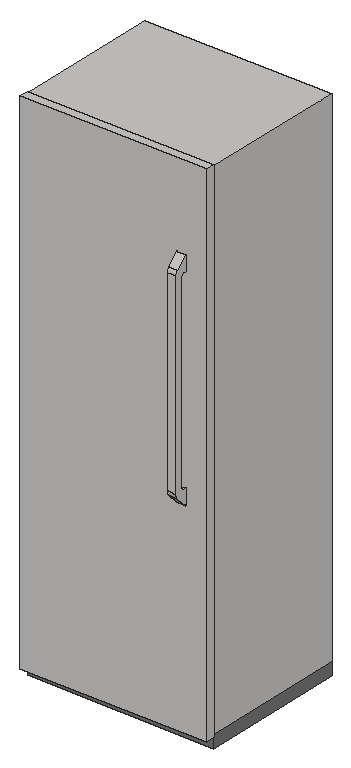
Revit family "DRZ30980RAP", category Specialty Equipment, Revit 2014
Parameters (values of type "DRZ30980RAP")
  Width = 29 3/4"
  Volts (V) = "115"
  Unit = Stainless Steel
  Total Unit Gross Capacity (cu.ft.) - AHAM = "17.6 cu. ft."
  Support = Plastic-Black
  Special Modes = "Sabbath Mode"
  Shelf Material = "Tempered, Metal Trim, Spill-Proof"
  Refrigerator Gross Capacity (cu.ft.) = "17.6 cu. ft."
  Push-To-Open™ Door Assist = "Yes"
  Precise Cooling = "Yes"
  Power Freeze = "Yes"
  Power Cord Length (in.) = "78 3/4\""
  Plug Type = "120 V, 3 Prong"
  Panel Ready = "Yes"
  Model = "DRZ30980RAP"
  Manufacturer = "Dacor"
  Lighting = "3DLighting™"
  Interior Material = "SteelCool™ Stainless Steel Interior"
  Ice Maker = "Dual Icemaker for Standard and Cocktail Ice™"
  Hidden Compartment with Flip-up cover = "1 ea"
  Height = 83 3/8"
  Handle = Stainless Steel
  Full Width Shelves = "3 ea"
  Full Extension Drawers at 90º Door Opening Angle = "Yes"
  Frequency (Hz) = "60"
  Freezer Drawer = "2 ea"
  Freezer - Power Freeze = 0
  Freezer = "5°(-15°) to -8° (-23°)"
  ENERGY STAR® Qualified = "Yes"
  Door Swing = "Right"
  Door Open Alarm = "Yes"
  Door Bins = "4 ea"
  Door = Stainless Steel
  Description = "30-INCH FREEZER COLUMN, RIGHT-HINGE"
  Depth = 25"
  Defrost Process = "Frost-Free"
  Dedicated Evaporator & Compressor System = "Yes"
  Current (A) = "6"
  Annual Energy Consumption = "550 kWy/year"
Reference planes (in)
  plane 1 "Center (Front/Back)": y = 0
  plane 2: z = 0
  plane 3 "Center (Left/Right)": x = 0
  plane 4: y = 12.5
  plane 5: y = -12.5
  plane 6: x = -14.875
  plane 7: x = 14.875
  plane 8: z = 83.375
  plane 9: z = 2
  plane 10: y = -14.375
  plane 11: y = -11
Forms (in)
  Extrusion 1, solid, material "Stainless Steel" <- "Unit"
    sketch origin (0, 0, 0) x (1, 0, 0) y (0, 1, 0)
      loop
        line (-14.875, -11) -> (-13.875, -11) -> (-13.875, 11.375) -> (13.875, 11.375) -> (13.875, -11) -> (14.875, -11) -> (14.875, 12.5) -> (-14.875, 12.5) -> (-14.875, -11)
    from 2 to 83.375
  Extrusion 2, solid, material "Stainless Steel" <- "Handle"
    sketch origin (0, 0, 0) x (1, 0, 0) y (0, 0, 1)
      loop
        line (-14.875, 1.57503) -> (14.875, 1.57503) -> (14.875, 83.5) -> (-14.875, 83.5) -> (-14.875, 1.57503)
    from 11 to 12.5
  Extrusion 3, solid, material "Plastic-Black" <- "Support"
    sketch origin (0, 0, 0) x (0, 1, 0) y (0, 0, 1)
      loop
        line (12.5, 2) -> (-11, 2) -> (-11, 0) -> (12.5, 0) -> (12.5, 2)
    from -14.875 to 14.875
  Extrusion 4, solid, material "Stainless Steel" <- "Unit"
    sketch origin (0, 0, 83.375) x (1, 0, 0) y (0, 1, 0)
      loop
        line (-13.875, 11.375) -> (-13.875, -11) -> (13.875, -11) -> (13.875, 11.375) -> (-13.875, 11.375)
    from 0 to -1.14126
  Extrusion 5, solid, material "Stainless Steel" <- "Handle"
    sketch origin (0, 0, 0) x (0, 1, 0) y (0, 0, -1)
      loop
        line (-12.5, -70.125) -> (-12.5, -67.65625) -> (-12.96875, -67.65625) -> (-13.4375, -67.1875) -> (-13.4375, -64.9375) -> (-14.375, -64.9375) -> (-14.375, -67.83579)
        arc (-14.375, -67.83579) -> (-14.29888, -68.21847) -> (-14.08211, -68.54289) r 1
        line (-14.08211, -68.54289) -> (-12.5, -70.125)
    from -11.55491 to -10.21363
  Extrusion 6, solid, material "Stainless Steel" <- "Handle"
    sketch origin (0, 0, 104.5) x (0, 1, 0) y (0, 0, -1)
      loop
        line (-12.5, 70.25) -> (-14.00888, 68.74112)
        arc (-14.00888, 68.74112) -> (-14.27985, 68.33559) -> (-14.375, 67.85723) r 1.25
        line (-14.375, 67.85723) -> (-14.375, 65.0625) -> (-13.4375, 65.0625) -> (-13.4375, 67.3125) -> (-12.96875, 67.78125) -> (-12.5, 67.78125) -> (-12.5, 70.25)
    from -11.55491 to -10.21363
  Extrusion 7, solid, material "Stainless Steel" <- "Handle"
    sketch origin (-1.25, 0, 0) x (-1, 0, 0) y (0, -1, 0)
      loop
        line (-12.80491, 13.4375) -> (-11.46363, 13.4375) -> (-11.46363, 14.375) -> (-12.80491, 14.375) -> (-12.80491, 13.4375)
    from 65.0625 to 39.4375
Cuts and joins
  joined: Extrusion 1, Extrusion 4
  joined: Extrusion 5, Extrusion 6, Extrusion 7
Dimensions and locks (in)
  equal spacing: plane 6, plane 3 "Center (Left/Right)", plane 7
  "Width": plane 6 to plane 7
  equal spacing: plane 4, plane 1 "Center (Front/Back)", plane 5
  "Depth": plane 4 to plane 5
  "Height": plane 8 to plane 2
  plane 9 to plane 2 = 2"
  plane 5 to plane 10 = 1 7/8"
  plane 11 to plane 5 = 1 1/2"
  Extrusion 3 to Extrusion 3 = 29 3/4"
  Extrusion 2 to Extrusion 3 = 25"
  Extrusion 3 to cut or joined group of Extrusion 1, Extrusion 4 = 83 3/8"
  aligned and locked: level to plane 2
  aligned and locked: Extrusion 3 to plane 6
  aligned and locked: plane 7 to Extrusion 3
Automatic sketch dimensions
  Extrusion 1 sketch curve to plane 6 = 0"
  Extrusion 1 sketch curve to plane 11 = 0"  (x2)
  Extrusion 1 sketch curve to plane 7 = 0"
  Extrusion 1 sketch curve to plane 4 = 0"
  Extrusion 1 sketch curve to Extrusion 1 sketch curve = 1"
  Extrusion 1 sketch curve to plane 7 = 1"
  Extrusion 1 sketch curve to plane 4 = 1 1/8"
  Extrusion 2 sketch curve to plane 6 = 0"
  Extrusion 2 sketch curve to plane 7 = 0"
  Extrusion 2 sketch curve to plane 9 = 0.42497"
  plane 8 to Extrusion 2 sketch curve = 1/8"
  Extrusion 3 sketch curve to plane 9 = 0"
  Extrusion 3 sketch curve to plane 11 = 0"
  Extrusion 3 sketch curve to level = 0"
  Extrusion 3 sketch curve to plane 4 = 0"
  Extrusion 1 to Extrusion 4 sketch curve = 0"  (x2)
  Extrusion 4 sketch curve to Extrusion 1 = 0"  (x2)
  Extrusion 5 sketch curve to plane 10 = 0"
  Extrusion 5 sketch curve to plane 5 = 0"
  Extrusion 5 sketch curve to plane 10 = 0.29289"
  Extrusion 5 sketch curve to plane 5 = 15/16"
  Extrusion 5 sketch curve to Extrusion 5 sketch curve = 1/16"
  Extrusion 5 sketch curve to Extrusion 5 sketch curve = 13/32"
  Extrusion 5 sketch curve to plane 8 = 13 1/4"
  Extrusion 5 sketch curve to Extrusion 5 sketch curve = 1.58211"
  Extrusion 5 sketch curve to Extrusion 5 sketch curve = 0.17954"
  Extrusion 5 sketch curve to Extrusion 5 sketch curve = 0.64829"
  Extrusion 5 sketch curve to Extrusion 5 sketch curve = 2 1/4"
  Extrusion 6 sketch curve to plane 10 = 0"
  Extrusion 6 sketch curve to plane 5 = 0"
  Extrusion 6 sketch curve to plane 10 = 0.36612"
  Extrusion 6 sketch curve to plane 5 = 15/16"
  Extrusion 6 sketch curve to plane 5 = 5/8"
  Extrusion 6 sketch curve to Extrusion 6 sketch curve = 5/32"
  plane 9 to Extrusion 6 sketch curve = 37 7/16"
  Extrusion 6 sketch curve to Extrusion 6 sketch curve = 2 1/4"
  Extrusion 6 sketch curve to Extrusion 6 sketch curve = 15/32"
  Extrusion 6 sketch curve to Extrusion 6 sketch curve = 0.54473"
  Extrusion 6 sketch curve to Extrusion 6 sketch curve = 1.50888"
  plane 10 to Extrusion 7 sketch curve = 0"
  plane 7 to Extrusion 7 sketch curve = 3.32009"
  Extrusion 7 sketch curve to Extrusion 7 sketch curve = 1.34127"
  plane 5 to Extrusion 7 sketch curve = 15/16"
